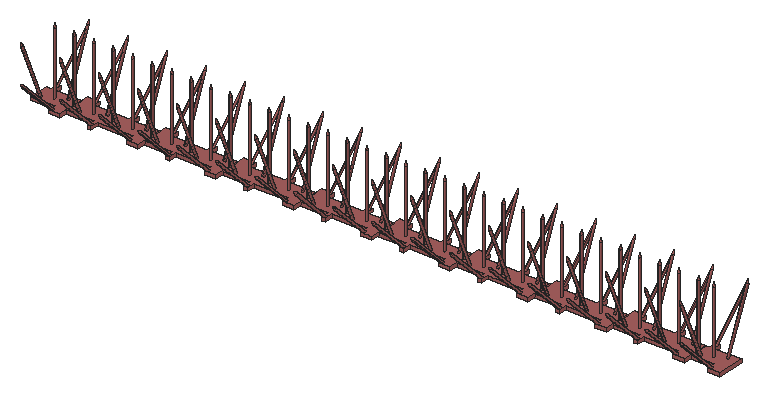
Revit family "BirdControl_Spikes_BirdBGone_2000", category Specialty Equipment, Revit 2019
Family settings
  Round Connector Dimension = Use Diameter
  Part Type = Normal
  OmniClass Number = 23.40.10.14.14.99
  OmniClass Title = Other Manufactured Exterior Specialties
  Cut with Voids When Loaded = No
  Shared = No
  Room Calculation Point = No
Parameters (values of type "BirdBGone template - Line Based")
  Warranty Duration (Years) = 0
  Units [instance] = ([built-in parameter 1001306] - 0' 7") / 0' 5"  # 8
  URL = "http://www.birdbgone.com/"
  Test Data = "http://www.birdbgone.com/bird-control-product-msds"
  Specification = "http://www.arcat.com/sdspecs/htm/10290bir.htm"
  SpecWizard = ""
  Send Message = "http://www.arcat.com/users.pl?action=UserEmail&company=Bird-B-Gone,%20Inc.&coid=38371&rep=147&fax=949-472-3116&mf="
  Sales Information = "http://www.birdbgone.com/bird-control-store/"
  Revision = "R1_10-2010"
  Product Properties = "http://www.arcat.com/bim/bim_info.pl?fn=BirdBGone"
  Product Data = "http://www.arcat.com/arcatcos/cos38/arc38371.html"
  Model = "As Specified in 10 81 19"
  Material = Plastic - Bird B Gone - Polycarbonate - Brick Red
  Manufacturer Website = "http://www.birdbgone.com/"
  Manufacturer Phone - Toll Free = "800-392-6915"
  Manufacturer Phone = "949-472-3122"
  Manufacturer Fax = "949-472-3116"
  Manufacturer Address = "23918 Skyline, Mission Viejo, CA 92692"
  Manufacturer = "Bird-B-Gone, Inc."
  Maintenance Schedule (Months) = 0
  built-in parameter 1001306 [instance] = 4' - 0"
  Keynote = "10 81 19"
  Installation-Fabrication = "http://www.birdbgone.com/installation-instructions"
  Installation Phase = ""
  Green Building-LEED = "http://www.arcat.com/green/clients/leed_data_38371.html"
  Expected Lifespan (Years) = 0
  End [instance] = Units * 0' 5"  # 3' - 4"
  Drawn By = "Robert S. Weygant, CSI, CDT, SCIP"
  Description = "Bird Control Equipment as Specified in 10 81 19"
  Copyright = "2010 ARCAT, Inc."
  Construction Details = "http://www.arcat.com/details/birdbgon/birdbgon.html?coid=38371"
  Building Codes = "http://www.birdbgone.com/knowledge-center/"
  Back Row 2 = yes
  Back Row 1 = yes
  Assembly Code = "E1090900"
Reference planes (in)
  plane 1 "Center (Front/Back)": y = 0
  plane 2: z = 0
  plane 3 "Left": x = 0
  plane 4 "Right": x = 48
  plane 5: y = 0.625
  plane 6: y = -0.625
  plane 7: x = 2.25
  plane 8: x = 42.25
Lines and regions (in)
  reference lines
    curve 1: line (0, 0, 0) -> (48, 0, 0)
Dimensions and locks (in)
  "built-in parameter 1001306": plane 3 "Left" to plane 4 "Right"
  equal spacing: plane 5, curve 1, plane 6
  locked: plane 5 to plane 6 at 1.25
  equal spacing: group 1, group 2, group 3, group 4, group 5, group 6, group 7, group 8  (x3)
  locked: plane 3 "Left" to plane 7 at 2.25
  "End": plane 7 to plane 8
  aligned and locked: plane 4 "Right" to curve 1
  aligned and locked: plane 3 "Left" to curve 1
  aligned and locked: nested 10 to plane 8
Nested families (in)
  nested 1: "SpikeUnit_2000_End" at (0, 0, 0) x (0, -1, 0) z (0, 0, 1), Back Row 2 <- "Back Row 2", Back Row 1 <- "Back Row 1", Material <- "Material", type "BirdBGone template - Standalone"
    with offset 0' - 0", Unit Height 0' - 4 1/2", Material Plastic - Bird B Gone - Polycarbonate - Brick Red, End Peg yes, Back Row 2 yes, Back Row 1 yes
  nested 2: "SpikeUnit_2000" at (4.75, 0, 0) x (0, -1, 0) z (0, 0, 1), Back Row 2 <- "Back Row 2", Back Row 1 <- "Back Row 1", Material <- "Material", type "BirdBGone template - Standalone"
    with offset 0' - 0", Unit Height 0' - 4 1/2", Material Plastic - Bird B Gone - Polycarbonate - Brick Red, Back Row 2 yes, Back Row 1 yes
  nested 3: "SpikeUnit_2000" at (9.75, 0, 0) x (0, -1, 0) z (0, 0, 1), Back Row 2 <- "Back Row 2", Back Row 1 <- "Back Row 1", Material <- "Material", type "BirdBGone template - Standalone"
    with offset 0' - 0", Unit Height 0' - 4 1/2", Material Plastic - Bird B Gone - Polycarbonate - Brick Red, Back Row 2 yes, Back Row 1 yes
  nested 4: "SpikeUnit_2000" at (14.75, 0, 0) x (0, -1, 0) z (0, 0, 1), Back Row 2 <- "Back Row 2", Back Row 1 <- "Back Row 1", Material <- "Material", type "BirdBGone template - Standalone"
    with offset 0' - 0", Unit Height 0' - 4 1/2", Material Plastic - Bird B Gone - Polycarbonate - Brick Red, Back Row 2 yes, Back Row 1 yes
  nested 5: "SpikeUnit_2000" at (19.75, 0, 0) x (0, -1, 0) z (0, 0, 1), Back Row 2 <- "Back Row 2", Back Row 1 <- "Back Row 1", Material <- "Material", type "BirdBGone template - Standalone"
    with offset 0' - 0", Unit Height 0' - 4 1/2", Material Plastic - Bird B Gone - Polycarbonate - Brick Red, Back Row 2 yes, Back Row 1 yes
  nested 6: "SpikeUnit_2000" at (24.75, 0, 0) x (0, -1, 0) z (0, 0, 1), Back Row 2 <- "Back Row 2", Back Row 1 <- "Back Row 1", Material <- "Material", type "BirdBGone template - Standalone"
    with offset 0' - 0", Unit Height 0' - 4 1/2", Material Plastic - Bird B Gone - Polycarbonate - Brick Red, Back Row 2 yes, Back Row 1 yes
  nested 7: "SpikeUnit_2000" at (29.75, 0, 0) x (0, -1, 0) z (0, 0, 1), Back Row 2 <- "Back Row 2", Back Row 1 <- "Back Row 1", Material <- "Material", type "BirdBGone template - Standalone"
    with offset 0' - 0", Unit Height 0' - 4 1/2", Material Plastic - Bird B Gone - Polycarbonate - Brick Red, Back Row 2 yes, Back Row 1 yes
  nested 8: "SpikeUnit_2000" at (34.75, 0, 0) x (0, -1, 0) z (0, 0, 1), Back Row 2 <- "Back Row 2", Back Row 1 <- "Back Row 1", Material <- "Material", type "BirdBGone template - Standalone"
    with offset 0' - 0", Unit Height 0' - 4 1/2", Material Plastic - Bird B Gone - Polycarbonate - Brick Red, Back Row 2 yes, Back Row 1 yes
  nested 9: "SpikeUnit_2000" at (39.75, 0, 0) x (0, -1, 0) z (0, 0, 1), Back Row 2 <- "Back Row 2", Back Row 1 <- "Back Row 1", Material <- "Material", type "BirdBGone template - Standalone"
    with offset 0' - 0", Unit Height 0' - 4 1/2", Material Plastic - Bird B Gone - Polycarbonate - Brick Red, Back Row 2 yes, Back Row 1 yes
  nested 10: "SpikeUnit_2000_End" at (42.25, 0, 0) x (0, -1, 0) z (0, 0, 1), Back Row 2 <- "Back Row 2", Back Row 1 <- "Back Row 1", Material <- "Material", type "BirdBGone template - Standalone"
    with offset 0' - 0", Unit Height 0' - 4 1/2", Material Plastic - Bird B Gone - Polycarbonate - Brick Red, End Peg no, Back Row 2 yes, Back Row 1 yes
Definition of nested family "SpikeUnit_2000_End"
  Parameters
    offset [instance] = 0' - 0"
    Warranty Duration (Years) = 0
    Unit Width = 0' - 7"
    Unit Height [instance] = 0' - 4 1/2"
    Unit Depth = 0' - 0 1/4"
    URL = "http://www.birdbgone.com/"
    Test Data = "http://www.birdbgone.com/bird-control-product-msds"
    Specification = "http://www.arcat.com/sdspecs/htm/10290bir.htm"
    SpecWizard = ""
    Send Message = "http://www.arcat.com/users.pl?action=UserEmail&company=Bird-B-Gone,%20Inc.&coid=38371&rep=147&fax=949-472-3116&mf="
    Sales Information = "http://www.birdbgone.com/bird-control-store/"
    Revision = "R1_10-2010"
    Product Properties = "http://www.arcat.com/bim/bim_info.pl?fn=BirdBGone"
    Product Data = "http://www.arcat.com/arcatcos/cos38/arc38371.html"
    Model = "As Specified in 10 81 19"
    Material [instance] = none
    Manufacturer Website = "http://www.birdbgone.com/"
    Manufacturer Phone - Toll Free = "800-392-6915"
    Manufacturer Phone = "949-472-3122"
    Manufacturer Fax = "949-472-3116"
    Manufacturer Address = "23918 Skyline, Mission Viejo, CA 92692"
    Manufacturer = "Bird-B-Gone, Inc."
    Maintenance Schedule (Months) = 0
    Keynote = "10 81 19"
    Installation-Fabrication = "http://www.birdbgone.com/installation-instructions"
    Installation Phase = ""
    Green Building-LEED = "http://www.arcat.com/green/clients/leed_data_38371.html"
    Expected Lifespan (Years) = 0
    End Peg [instance] = yes
    Drawn By = "Robert S. Weygant, CSI, CDT, SCIP"
    Description = "Bird Control Equipment as Specified in 10 81 19"
    Copyright = "wt"
    Construction Details = "http://www.arcat.com/details/birdbgon/birdbgon.html?coid=38371"
    Building Codes = "http://www.birdbgone.com/knowledge-center/"
    Back Row 2 [instance] = yes
    Back Row 1 [instance] = yes
    Assembly Code = "E1090900"
  Reference planes (in)
    plane 1 "Center (Front/Back)": y = 0
    plane 2 "Bottom": z = 0
    plane 3 "Center (Left/Right)": x = 0
    plane 4 "Top": z = 4.5
    plane 5: y = 2.25
  Forms (in)
    Extrusion 1, solid, material <- "Material"
      sketch origin (0, -0.5, 0) x (0, -1, 0) y (1, 0, 0)
        loop
          line (-0.5, -0.625) -> (-0.5, 0.625) -> (-2, 0.625) -> (-2, 1.125) -> (-2.75, 1.125) -> (-2.75, -0.625) -> (-1.00192, -0.625) -> (-1.00192, -1.125) -> (-0.75, -1.125) -> (-0.75, -0.625) -> (-0.5, -0.625)
      from 0 to 0.21875
    Revolve 2, solid, material <- "Material", detail levels medium+fine
      sketch origin (0.78125, 1.625, 0) x (0.707107, 0, 0.707107) y (-0.707107, 0, 0.707107)
        loop
          line (3.875, 0) -> (0.15782, 0) -> (0.15782, -0.0625) -> (3.64088, -0.0625) -> (3.875, 0)
        axis (3.875, 0) -> (0.15782, 0)
      angle from 0 to 360
    Revolve 3, solid, material <- "Material", visible <- "Back Row 2", detail levels medium+fine
      sketch origin (-0.78125, 0.375, 0) x (-0.707107, 0, 0.707107) y (-0.707107, 0, -0.707107)
        loop
          line (3.875, 0) -> (3.64088, 0.0625) -> (0.15782, 0.0625) -> (0.15782, 0) -> (3.875, 0)
        axis (3.875, 0) -> (0.15782, 0)
      angle from 0 to 360
    Revolve 4, solid, material <- "Material", visible <- "Back Row 1", detail levels medium+fine
      sketch origin (-0.18577, 1.625, 0) x (-0.707107, 0, 0.707107) y (-0.707107, 0, -0.707107)
        loop
          line (4.10185, -1.59349) -> (3.90819, -1.44784) -> (0.24709, 0.03134) -> (0.22368, -0.02661) -> (4.10185, -1.59349)
        axis (4.10185, -1.59349) -> (0.22368, -0.02661)
      angle from 0 to 360
    Revolve 5, solid, material <- "Material", detail levels medium+fine
      sketch origin (0.18577, 0.375, 0) x (0.707107, 0, 0.707107) y (-0.707107, 0, 0.707107)
        loop
          line (4.10185, 1.59349) -> (0.22368, 0.02661) -> (0.24709, -0.03134) -> (3.90819, 1.44784) -> (4.10185, 1.59349)
        axis (4.10185, 1.59349) -> (0.22368, 0.02661)
      angle from 0 to 360
    Revolve 6, solid, material <- "Material", detail levels medium+fine
      sketch origin (-0.05912, 1, -0.04038) x (0.374607, 0, 0.927184) y (-0.927184, 0, 0.374607)
        loop
          line (4.23191, 1.64604) -> (0.26241, 0.04225) -> (0.28582, -0.01569) -> (4.03825, 1.50039) -> (4.23191, 1.64604)
        axis (4.23191, 1.64604) -> (0.26241, 0.04225)
      angle from 0 to 360
    Revolve 7, solid, material <- "Material", visible <- "End Peg", detail levels medium+fine
      sketch origin (-0.05912, 2.25, -0.04038) x (0.374607, 0, 0.927184) y (-0.927184, 0, 0.374607)
        loop
          line (4.23191, 1.64604) -> (0.26241, 0.04225) -> (0.28582, -0.01569) -> (4.03825, 1.50039) -> (4.23191, 1.64604)
        axis (4.23191, 1.64604) -> (0.26241, 0.04225)
      angle from 0 to 360
  Lines and regions (in)
    model lines, detail levels coarse
      curve 1: line (0, 1, 0.21875) -> (0, 1, 4.5)
      curve 2: line (0.34375, 0.375, 0.21875) -> (1.95937, 0.375, 4.02714)
      curve 4: line (1, 1.625, 0.21875) -> (3.5213, 1.625, 2.74005)
    model lines, visible <- "Back Row 1", detail levels coarse
      curve 3: line (-0.34375, 1.625, 0.21875) -> (-1.95937, 1.625, 4.02714)
    model lines, visible <- "Back Row 2", detail levels coarse
      curve 5: line (-1, 0.375, 0.21875) -> (-3.5213, 0.375, 2.74005)
    model lines, visible <- "End Peg", detail levels coarse
      curve 6: line (0, 2.25, 0.21875) -> (0, 2.25, 4.5)
  Dimensions and locks (in)
    "Unit Height": plane 4 "Top" to level
  Automatic sketch dimensions
    Extrusion 1 sketch curve to plane 5 = 0' - 0"
    Extrusion 1 sketch curve to plane 1 "Center (Front/Back)" = 0' - 0"
    Extrusion 1 sketch curve to Extrusion 1 sketch curve = 0' - 0 3/4"
    Extrusion 1 sketch curve to plane 1 "Center (Front/Back)" = 0' - 0.50192"
    Extrusion 1 sketch curve to plane 1 "Center (Front/Back)" = 0' - 0 1/4"
    Extrusion 1 sketch curve to plane 3 "Center (Left/Right)" = 0' - 1 1/8"
    Extrusion 1 sketch curve to Extrusion 1 sketch curve = 0' - 0 1/2"  (x2)
    Extrusion 1 sketch curve to plane 3 "Center (Left/Right)" = 0' - 0 5/8"
    plane 3 "Center (Left/Right)" to Extrusion 1 sketch curve = 0' - 0 5/8"
    Revolve 2 sketch curve to plane 3 "Center (Left/Right)" = 0' - 0.22412"
    Revolve 2 sketch curve to level = 0' - 1.00537"
    Revolve 2 sketch curve to Revolve 2 sketch curve = 0' - 1.57963"
    Revolve 2 sketch curve to Revolve 2 sketch curve = 0' - 3.48306"
    Revolve 2 sketch curve to Revolve 2 sketch curve = 0' - 0.23412"
    Revolve 2 sketch curve to Revolve 2 sketch curve = 0' - 1.2032"
    Revolve 2 sketch curve to Revolve 2 sketch curve = 0' - 0"
    Revolve 2 sketch curve to Revolve 2 sketch curve = 0' - 0 1/16"
    plane 3 "Center (Left/Right)" to Revolve 3 sketch curve = 0' - 0.22412"
    Revolve 3 sketch curve to level = 0' - 1.00537"
    Revolve 3 sketch curve to Revolve 3 sketch curve = 0' - 1.57963"
    Revolve 3 sketch curve to Revolve 3 sketch curve = 0' - 3.48306"
    Revolve 3 sketch curve to Revolve 3 sketch curve = 0' - 0.23412"
    Revolve 3 sketch curve to Revolve 3 sketch curve = 0' - 1.2032"
    Revolve 3 sketch curve to Revolve 3 sketch curve = 0' - 0"
    Revolve 3 sketch curve to Revolve 3 sketch curve = 0' - 0 1/16"
    plane 3 "Center (Left/Right)" to Revolve 4 sketch curve = 0' - 0.31984"
    Revolve 4 sketch curve to level = 0' - 1.34246"
    Revolve 4 sketch curve to Revolve 4 sketch curve = 0' - 1.53046"
    Revolve 4 sketch curve to Revolve 4 sketch curve = 0' - 0.02341"
    Revolve 4 sketch curve to Revolve 4 sketch curve = 0' - 3.6611"
    Revolve 4 sketch curve to Revolve 4 sketch curve = 0' - 0.19366"
    Revolve 4 sketch curve to Revolve 4 sketch curve = 0' - 0.61807"
    Revolve 4 sketch curve to Revolve 4 sketch curve = 0' - 0.5604"
    Revolve 4 sketch curve to Revolve 4 sketch curve = 0' - 0.05795"
    Revolve 4 sketch curve to Revolve 4 sketch curve = 0' - 0.24972"
    Revolve 5 sketch curve to plane 3 "Center (Left/Right)" = 0' - 0.31984"
    Revolve 5 sketch curve to level = 0' - 1.34246"
    Revolve 5 sketch curve to Revolve 5 sketch curve = 0' - 1.53046"
    Revolve 5 sketch curve to Revolve 5 sketch curve = 0' - 0.02341"
    Revolve 5 sketch curve to Revolve 5 sketch curve = 0' - 3.6611"
    Revolve 5 sketch curve to Revolve 5 sketch curve = 0' - 0.19366"
    Revolve 5 sketch curve to Revolve 5 sketch curve = 0' - 0.61807"
    Revolve 5 sketch curve to Revolve 5 sketch curve = 0' - 0.5604"
    Revolve 5 sketch curve to Revolve 5 sketch curve = 0' - 0.05795"
    Revolve 5 sketch curve to Revolve 5 sketch curve = 0' - 0.24972"
    Revolve 6 sketch curve to plane 3 "Center (Left/Right)" = 0' - 0"  (x4)
    Revolve 6 sketch curve to plane 4 "Top" = 0' - 0"
    Revolve 6 sketch curve to Revolve 6 sketch curve = 0' - 0.19366"
    Revolve 6 sketch curve to Revolve 6 sketch curve = 0' - 3.75243"
    Revolve 6 sketch curve to Revolve 6 sketch curve = 0' - 0.02341"
    Revolve 6 sketch curve to Revolve 6 sketch curve = 0' - 1.56919"
    Revolve 6 sketch curve to Revolve 6 sketch curve = 0' - 0.488"
    curve 1 to plane 3 "Center (Left/Right)" = 0' - 0"  (x2)
    curve 1 to plane 4 "Top" = 0' - 0"
    curve 1 to curve 1 = 0' - 3.0273"
    curve 5 to plane 4 "Top" = 0' - 1.75995"
    curve 5 to plane 3 "Center (Left/Right)" = 0' - 3.5213"
    curve 5 to curve 2 = 0' - 0.95017"
    curve 2 to curve 2 = 0' - 3.83535"
    curve 2 to curve 5 = 0' - 2.9653"
    curve 5 to curve 5 = 0' - 3.56565"
    curve 2 to curve 5 = 0' - 0.95017"
    level to curve 3 = 0' - 0 7/32"
    curve 3 to plane 3 "Center (Left/Right)" = 0' - 0 11/32"
    curve 3 to curve 4 = 0' - 0.95017"
    curve 3 to curve 3 = 0' - 1.55053"
    curve 4 to curve 4 = 0' - 3.56565"
    curve 4 to curve 3 = 0' - 0.95017"
    curve 3 to curve 3 = 0' - 3.83535"
    Revolve 7 sketch curve to plane 3 "Center (Left/Right)" = 0' - 0"  (x4)
    Revolve 7 sketch curve to plane 4 "Top" = 0' - 0"
    Revolve 7 sketch curve to Revolve 7 sketch curve = 0' - 0.19366"
    Revolve 7 sketch curve to Revolve 7 sketch curve = 0' - 3.75243"
    Revolve 7 sketch curve to Revolve 7 sketch curve = 0' - 0.02341"
    Revolve 7 sketch curve to Revolve 7 sketch curve = 0' - 1.56919"
    Revolve 7 sketch curve to Revolve 7 sketch curve = 0' - 0.488"
    curve 6 to plane 3 "Center (Left/Right)" = 0' - 0"  (x2)
    curve 6 to plane 4 "Top" = 0' - 0"
    curve 6 to curve 6 = 0' - 3.0273"
Definition of nested family "SpikeUnit_2000"
  Parameters
    offset [instance] = 0' - 0"
    Warranty Duration (Years) = 0
    Unit Width = 0' - 7"
    Unit Height [instance] = 0' - 4 1/2"
    Unit Depth = 0' - 0 1/4"
    URL = "http://www.birdbgone.com/"
    Test Data = "http://www.birdbgone.com/bird-control-product-msds"
    Specification = "http://www.arcat.com/sdspecs/htm/10290bir.htm"
    SpecWizard = ""
    Send Message = "http://www.arcat.com/users.pl?action=UserEmail&company=Bird-B-Gone,%20Inc.&coid=38371&rep=147&fax=949-472-3116&mf="
    Sales Information = "http://www.birdbgone.com/bird-control-store/"
    Revision = "R1_10-2010"
    Product Properties = "http://www.arcat.com/bim/bim_info.pl?fn=BirdBGone"
    Product Data = "http://www.arcat.com/arcatcos/cos38/arc38371.html"
    Model = "As Specified in 10 81 19"
    Material [instance] = none
    Manufacturer Website = "http://www.birdbgone.com/"
    Manufacturer Phone - Toll Free = "800-392-6915"
    Manufacturer Phone = "949-472-3122"
    Manufacturer Fax = "949-472-3116"
    Manufacturer Address = "23918 Skyline, Mission Viejo, CA 92692"
    Manufacturer = "Bird-B-Gone, Inc."
    Maintenance Schedule (Months) = 0
    Keynote = "10 81 19"
    Installation-Fabrication = "http://www.birdbgone.com/installation-instructions"
    Installation Phase = ""
    Green Building-LEED = "http://www.arcat.com/green/clients/leed_data_38371.html"
    Expected Lifespan (Years) = 0
    Drawn By = "Robert S. Weygant, CSI, CDT, SCIP"
    Description = "Bird Control Equipment as Specified in 10 81 19"
    Copyright = "wt"
    Construction Details = "http://www.arcat.com/details/birdbgon/birdbgon.html?coid=38371"
    Building Codes = "http://www.birdbgone.com/knowledge-center/"
    Back Row 2 [instance] = yes
    Back Row 1 [instance] = yes
    Assembly Code = "E1090900"
  Reference planes (in)
    plane 1 "Center (Front/Back)": y = 0
    plane 2 "Bottom": z = 0
    plane 3 "Center (Left/Right)": x = 0
    plane 4 "Top": z = 4.5
    plane 5: y = 2.5
    plane 6: y = -2.5
  Forms (in)
    Extrusion 1, solid, material <- "Material"
      sketch origin (0, -0.25, 0) x (0, -1, 0) y (1, 0, 0)
        loop
          line (1.5, -0.625) -> (1.5, -1.125) -> (2.25, -1.125) -> (2.25, 0.625) -> (0.5, 0.625) -> (0.5, 1.125) -> (0.24808, 1.125) -> (0.24808, 0.625) -> (-2, 0.625) -> (-2, 1.125) -> (-2.75, 1.125) -> (-2.75, -0.625) -> (-1.00192, -0.625) -> (-1.00192, -1.125) -> (-0.75, -1.125) -> (-0.75, -0.625) -> (1.5, -0.625)
      from 0 to 0.21875
    Revolve 2, solid, material <- "Material", detail levels medium+fine
      sketch origin (0.78125, 1.875, 0) x (0.707107, 0, 0.707107) y (-0.707107, 0, 0.707107)
        loop
          line (3.875, 0) -> (0.15782, 0) -> (0.15782, -0.0625) -> (3.64088, -0.0625) -> (3.875, 0)
        axis (3.875, 0) -> (0.15782, 0)
      angle from 0 to 360
    Revolve 3, solid, material <- "Material", detail levels medium+fine
      sketch origin (0.78125, -0.625, 0) x (0.707107, 0, 0.707107) y (-0.707107, 0, 0.707107)
        loop
          line (3.875, 0) -> (0.15782, 0) -> (0.15782, -0.0625) -> (3.64088, -0.0625) -> (3.875, 0)
        axis (3.875, 0) -> (0.15782, 0)
      angle from 0 to 360
    Revolve 4, solid, material <- "Material", visible <- "Back Row 2", detail levels medium+fine
      sketch origin (-0.78125, 0.625, 0) x (-0.707107, 0, 0.707107) y (-0.707107, 0, -0.707107)
        loop
          line (3.875, 0) -> (3.64088, 0.0625) -> (0.15782, 0.0625) -> (0.15782, 0) -> (3.875, 0)
        axis (3.875, 0) -> (0.15782, 0)
      angle from 0 to 360
    Revolve 5, solid, material <- "Material", visible <- "Back Row 2", detail levels medium+fine
      sketch origin (-0.78125, -1.875, 0) x (-0.707107, 0, 0.707107) y (-0.707107, 0, -0.707107)
        loop
          line (3.875, 0) -> (3.64088, 0.0625) -> (0.15782, 0.0625) -> (0.15782, 0) -> (3.875, 0)
        axis (3.875, 0) -> (0.15782, 0)
      angle from 0 to 360
    Revolve 6, solid, material <- "Material", visible <- "Back Row 1", detail levels medium+fine
      sketch origin (-0.18577, 1.875, 0) x (-0.707107, 0, 0.707107) y (-0.707107, 0, -0.707107)
        loop
          line (4.10185, -1.59349) -> (3.90819, -1.44784) -> (0.24709, 0.03134) -> (0.22368, -0.02661) -> (4.10185, -1.59349)
        axis (4.10185, -1.59349) -> (0.22368, -0.02661)
      angle from 0 to 360
    Revolve 7, solid, material <- "Material", visible <- "Back Row 1", detail levels medium+fine
      sketch origin (-0.18577, -0.625, 0) x (-0.707107, 0, 0.707107) y (-0.707107, 0, -0.707107)
        loop
          line (4.10185, -1.59349) -> (3.90819, -1.44784) -> (0.24709, 0.03134) -> (0.22368, -0.02661) -> (4.10185, -1.59349)
        axis (4.10185, -1.59349) -> (0.22368, -0.02661)
      angle from 0 to 360
    Revolve 8, solid, material <- "Material", detail levels medium+fine
      sketch origin (0.18577, 0.625, 0) x (0.707107, 0, 0.707107) y (-0.707107, 0, 0.707107)
        loop
          line (4.10185, 1.59349) -> (0.22368, 0.02661) -> (0.24709, -0.03134) -> (3.90819, 1.44784) -> (4.10185, 1.59349)
        axis (4.10185, 1.59349) -> (0.22368, 0.02661)
      angle from 0 to 360
    Revolve 9, solid, material <- "Material", detail levels medium+fine
      sketch origin (0.18577, -1.875, 0) x (0.707107, 0, 0.707107) y (-0.707107, 0, 0.707107)
        loop
          line (4.10185, 1.59349) -> (0.22368, 0.02661) -> (0.24709, -0.03134) -> (3.90819, 1.44784) -> (4.10185, 1.59349)
        axis (4.10185, 1.59349) -> (0.22368, 0.02661)
      angle from 0 to 360
    Revolve 10, solid, material <- "Material", detail levels medium+fine
      sketch origin (-0.05912, -1.25, -0.04038) x (0.374607, 0, 0.927184) y (-0.927184, 0, 0.374607)
        loop
          line (4.23191, 1.64604) -> (0.26241, 0.04225) -> (0.28582, -0.01569) -> (4.03825, 1.50039) -> (4.23191, 1.64604)
        axis (4.23191, 1.64604) -> (0.26241, 0.04225)
      angle from 0 to 360
    Revolve 11, solid, material <- "Material", detail levels medium+fine
      sketch origin (-0.05912, 1.25, -0.04038) x (0.374607, 0, 0.927184) y (-0.927184, 0, 0.374607)
        loop
          line (4.23191, 1.64604) -> (0.26241, 0.04225) -> (0.28582, -0.01569) -> (4.03825, 1.50039) -> (4.23191, 1.64604)
        axis (4.23191, 1.64604) -> (0.26241, 0.04225)
      angle from 0 to 360
    Revolve 12, solid, material <- "Material", detail levels medium+fine
      sketch origin (-0.05912, 0, -0.04038) x (0.374607, 0, 0.927184) y (-0.927184, 0, 0.374607)
        loop
          line (4.23191, 1.64604) -> (0.26241, 0.04225) -> (0.28582, -0.01569) -> (4.03825, 1.50039) -> (4.23191, 1.64604)
        axis (4.23191, 1.64604) -> (0.26241, 0.04225)
      angle from 0 to 360
    Revolve 13, solid, material <- "Material", detail levels medium+fine
      sketch origin (-0.05912, 2.5, -0.04038) x (0.374607, 0, 0.927184) y (-0.927184, 0, 0.374607)
        loop
          line (4.23191, 1.64604) -> (0.26241, 0.04225) -> (0.28582, -0.01569) -> (4.03825, 1.50039) -> (4.23191, 1.64604)
        axis (4.23191, 1.64604) -> (0.26241, 0.04225)
      angle from 0 to 360
  Lines and regions (in)
    model lines, detail levels coarse
      curve 1: line (0, 0, 0.21875) -> (0, 0, 4.5)
      curve 2: line (0, -1.25, 0.21875) -> (0, -1.25, 4.5)
      curve 3: line (0, 1.25, 0.21875) -> (0, 1.25, 4.5)
      curve 4: line (0.34375, -1.875, 0.21875) -> (1.95937, -1.875, 4.02714)
      curve 5: line (0.34375, 0.625, 0.21875) -> (1.95937, 0.625, 4.02714)
      curve 8: line (1, -0.625, 0.21875) -> (3.5213, -0.625, 2.74005)
      curve 9: line (1, 1.875, 0.21875) -> (3.5213, 1.875, 2.74005)
      curve 12: line (0, 2.5, 0.21875) -> (0, 2.5, 4.5)
    model lines, visible <- "Back Row 1", detail levels coarse
      curve 6: line (-0.34375, -0.625, 0.21875) -> (-1.95937, -0.625, 4.02714)
      curve 7: line (-0.34375, 1.875, 0.21875) -> (-1.95937, 1.875, 4.02714)
    model lines, visible <- "Back Row 2", detail levels coarse
      curve 10: line (-1, -1.875, 0.21875) -> (-3.5213, -1.875, 2.74005)
      curve 11: line (-1, 0.625, 0.21875) -> (-3.5213, 0.625, 2.74005)
  Dimensions and locks (in)
    "Unit Height": plane 4 "Top" to level
  Automatic sketch dimensions
    curve 1 to plane 3 "Center (Left/Right)" = 0' - 0"  (x2)
    curve 1 to plane 4 "Top" = 0' - 0"
    curve 1 to curve 1 = 0' - 3.0273"
    Extrusion 1 sketch curve to plane 5 = 0' - 0"
    Extrusion 1 sketch curve to plane 6 = 0' - 0"
    Extrusion 1 sketch curve to Extrusion 1 sketch curve = 0' - 0 3/4"
    Extrusion 1 sketch curve to plane 1 "Center (Front/Back)" = 0' - 0.75192"
    Extrusion 1 sketch curve to Extrusion 1 sketch curve = 0' - 0.25192"  (x2)
    plane 1 "Center (Front/Back)" to Extrusion 1 sketch curve = 0' - 0.49808"
    plane 6 to Extrusion 1 sketch curve = 0' - 0 3/4"
    Extrusion 1 sketch curve to plane 3 "Center (Left/Right)" = 0' - 1 1/8"  (x2)
    Extrusion 1 sketch curve to Extrusion 1 sketch curve = 0' - 0 1/2"  (x3)
    Extrusion 1 sketch curve to Extrusion 1 sketch curve = 0' - 0"
    plane 3 "Center (Left/Right)" to Extrusion 1 sketch curve = 0' - 0 5/8"  (x2)
    Revolve 2 sketch curve to plane 3 "Center (Left/Right)" = 0' - 0.22412"
    Revolve 2 sketch curve to level = 0' - 1.00537"
    Revolve 2 sketch curve to Revolve 2 sketch curve = 0' - 1.57963"
    Revolve 2 sketch curve to Revolve 2 sketch curve = 0' - 3.48306"
    Revolve 2 sketch curve to Revolve 2 sketch curve = 0' - 0.23412"
    Revolve 2 sketch curve to Revolve 2 sketch curve = 0' - 1.2032"
    Revolve 2 sketch curve to Revolve 2 sketch curve = 0' - 0"
    Revolve 2 sketch curve to Revolve 2 sketch curve = 0' - 0 1/16"
    Revolve 3 sketch curve to plane 3 "Center (Left/Right)" = 0' - 0.22412"
    Revolve 3 sketch curve to level = 0' - 1.00537"
    Revolve 3 sketch curve to Revolve 3 sketch curve = 0' - 1.57963"
    Revolve 3 sketch curve to Revolve 3 sketch curve = 0' - 3.48306"
    Revolve 3 sketch curve to Revolve 3 sketch curve = 0' - 0.23412"
    Revolve 3 sketch curve to Revolve 3 sketch curve = 0' - 1.2032"
    Revolve 3 sketch curve to Revolve 3 sketch curve = 0' - 0"
    Revolve 3 sketch curve to Revolve 3 sketch curve = 0' - 0 1/16"
    plane 3 "Center (Left/Right)" to Revolve 4 sketch curve = 0' - 0.22412"
    Revolve 4 sketch curve to level = 0' - 1.00537"
    Revolve 4 sketch curve to Revolve 4 sketch curve = 0' - 1.57963"
    Revolve 4 sketch curve to Revolve 4 sketch curve = 0' - 3.48306"
    Revolve 4 sketch curve to Revolve 4 sketch curve = 0' - 0.23412"
    Revolve 4 sketch curve to Revolve 4 sketch curve = 0' - 1.2032"
    Revolve 4 sketch curve to Revolve 4 sketch curve = 0' - 0"
    Revolve 4 sketch curve to Revolve 4 sketch curve = 0' - 0 1/16"
    plane 3 "Center (Left/Right)" to Revolve 5 sketch curve = 0' - 0.22412"
    Revolve 5 sketch curve to level = 0' - 1.00537"
    Revolve 5 sketch curve to Revolve 5 sketch curve = 0' - 1.57963"
    Revolve 5 sketch curve to Revolve 5 sketch curve = 0' - 3.48306"
    Revolve 5 sketch curve to Revolve 5 sketch curve = 0' - 0.23412"
    Revolve 5 sketch curve to Revolve 5 sketch curve = 0' - 1.2032"
    Revolve 5 sketch curve to Revolve 5 sketch curve = 0' - 0"
    Revolve 5 sketch curve to Revolve 5 sketch curve = 0' - 0 1/16"
    plane 3 "Center (Left/Right)" to Revolve 6 sketch curve = 0' - 0.31984"
    Revolve 6 sketch curve to level = 0' - 1.34246"
    Revolve 6 sketch curve to Revolve 6 sketch curve = 0' - 1.53046"
    Revolve 6 sketch curve to Revolve 6 sketch curve = 0' - 0.02341"
    Revolve 6 sketch curve to Revolve 6 sketch curve = 0' - 3.6611"
    Revolve 6 sketch curve to Revolve 6 sketch curve = 0' - 0.19366"
    Revolve 6 sketch curve to Revolve 6 sketch curve = 0' - 0.61807"
    Revolve 6 sketch curve to Revolve 6 sketch curve = 0' - 0.5604"
    Revolve 6 sketch curve to Revolve 6 sketch curve = 0' - 0.05795"
    Revolve 6 sketch curve to Revolve 6 sketch curve = 0' - 0.24972"
    plane 3 "Center (Left/Right)" to Revolve 7 sketch curve = 0' - 0.31984"
    Revolve 7 sketch curve to level = 0' - 1.34246"
    Revolve 7 sketch curve to Revolve 7 sketch curve = 0' - 1.53046"
    Revolve 7 sketch curve to Revolve 7 sketch curve = 0' - 0.02341"
    Revolve 7 sketch curve to Revolve 7 sketch curve = 0' - 3.6611"
    Revolve 7 sketch curve to Revolve 7 sketch curve = 0' - 0.19366"
    Revolve 7 sketch curve to Revolve 7 sketch curve = 0' - 0.61807"
    Revolve 7 sketch curve to Revolve 7 sketch curve = 0' - 0.5604"
    Revolve 7 sketch curve to Revolve 7 sketch curve = 0' - 0.05795"
    Revolve 7 sketch curve to Revolve 7 sketch curve = 0' - 0.24972"
    Revolve 8 sketch curve to plane 3 "Center (Left/Right)" = 0' - 0.31984"
    Revolve 8 sketch curve to level = 0' - 1.34246"
    Revolve 8 sketch curve to Revolve 8 sketch curve = 0' - 1.53046"
    Revolve 8 sketch curve to Revolve 8 sketch curve = 0' - 0.02341"
    Revolve 8 sketch curve to Revolve 8 sketch curve = 0' - 3.6611"
    Revolve 8 sketch curve to Revolve 8 sketch curve = 0' - 0.19366"
    Revolve 8 sketch curve to Revolve 8 sketch curve = 0' - 0.61807"
    Revolve 8 sketch curve to Revolve 8 sketch curve = 0' - 0.5604"
    Revolve 8 sketch curve to Revolve 8 sketch curve = 0' - 0.05795"
    Revolve 8 sketch curve to Revolve 8 sketch curve = 0' - 0.24972"
    Revolve 9 sketch curve to plane 3 "Center (Left/Right)" = 0' - 0.31984"
    Revolve 9 sketch curve to level = 0' - 1.34246"
    Revolve 9 sketch curve to Revolve 9 sketch curve = 0' - 1.53046"
    Revolve 9 sketch curve to Revolve 9 sketch curve = 0' - 0.02341"
    Revolve 9 sketch curve to Revolve 9 sketch curve = 0' - 3.6611"
    Revolve 9 sketch curve to Revolve 9 sketch curve = 0' - 0.19366"
    Revolve 9 sketch curve to Revolve 9 sketch curve = 0' - 0.61807"
    Revolve 9 sketch curve to Revolve 9 sketch curve = 0' - 0.5604"
    Revolve 9 sketch curve to Revolve 9 sketch curve = 0' - 0.05795"
    Revolve 9 sketch curve to Revolve 9 sketch curve = 0' - 0.24972"
    Revolve 10 sketch curve to plane 3 "Center (Left/Right)" = 0' - 0"  (x4)
    Revolve 10 sketch curve to plane 4 "Top" = 0' - 0"
    Revolve 10 sketch curve to Revolve 10 sketch curve = 0' - 0.19366"
    Revolve 10 sketch curve to Revolve 10 sketch curve = 0' - 3.75243"
    Revolve 10 sketch curve to Revolve 10 sketch curve = 0' - 0.02341"
    Revolve 10 sketch curve to Revolve 10 sketch curve = 0' - 1.56919"
    Revolve 10 sketch curve to Revolve 10 sketch curve = 0' - 0.488"
    Revolve 11 sketch curve to plane 3 "Center (Left/Right)" = 0' - 0"  (x4)
    Revolve 11 sketch curve to plane 4 "Top" = 0' - 0"
    Revolve 11 sketch curve to Revolve 11 sketch curve = 0' - 0.19366"
    Revolve 11 sketch curve to Revolve 11 sketch curve = 0' - 3.75243"
    Revolve 11 sketch curve to Revolve 11 sketch curve = 0' - 0.02341"
    Revolve 11 sketch curve to Revolve 11 sketch curve = 0' - 1.56919"
    Revolve 11 sketch curve to Revolve 11 sketch curve = 0' - 0.488"
    Revolve 12 sketch curve to plane 3 "Center (Left/Right)" = 0' - 0"  (x4)
    Revolve 12 sketch curve to plane 4 "Top" = 0' - 0"
    Revolve 12 sketch curve to Revolve 12 sketch curve = 0' - 0.19366"
    Revolve 12 sketch curve to Revolve 12 sketch curve = 0' - 3.75243"
    Revolve 12 sketch curve to Revolve 12 sketch curve = 0' - 0.02341"
    Revolve 12 sketch curve to Revolve 12 sketch curve = 0' - 1.56919"
    Revolve 12 sketch curve to Revolve 12 sketch curve = 0' - 0.488"
    curve 2 to plane 3 "Center (Left/Right)" = 0' - 0"  (x2)
    curve 2 to plane 4 "Top" = 0' - 0"
    curve 2 to curve 2 = 0' - 3.0273"
    curve 3 to plane 3 "Center (Left/Right)" = 0' - 0"  (x2)
    curve 3 to plane 4 "Top" = 0' - 0"
    curve 3 to curve 3 = 0' - 3.0273"
    level to curve 6 = 0' - 0 7/32"
    curve 6 to plane 3 "Center (Left/Right)" = 0' - 0 11/32"
    curve 6 to curve 8 = 0' - 0.95017"
    curve 6 to curve 6 = 0' - 1.55053"
    curve 8 to curve 8 = 0' - 3.56565"
    curve 8 to curve 6 = 0' - 0.95017"
    curve 6 to curve 6 = 0' - 3.83535"
    curve 10 to plane 4 "Top" = 0' - 1.75995"
    curve 10 to plane 3 "Center (Left/Right)" = 0' - 3.5213"
    curve 10 to curve 4 = 0' - 0.95017"
    curve 4 to curve 4 = 0' - 3.83535"
    curve 4 to curve 10 = 0' - 2.9653"
    curve 10 to curve 10 = 0' - 3.56565"
    curve 4 to curve 10 = 0' - 0.95017"
    curve 11 to plane 4 "Top" = 0' - 1.75995"
    curve 11 to plane 3 "Center (Left/Right)" = 0' - 3.5213"
    curve 11 to curve 5 = 0' - 0.95017"
    curve 5 to curve 5 = 0' - 3.83535"
    curve 5 to curve 11 = 0' - 2.9653"
    curve 11 to curve 11 = 0' - 3.56565"
    curve 5 to curve 11 = 0' - 0.95017"
    level to curve 7 = 0' - 0 7/32"
    curve 7 to plane 3 "Center (Left/Right)" = 0' - 0 11/32"
    curve 7 to curve 9 = 0' - 0.95017"
    curve 7 to curve 7 = 0' - 1.55053"
    curve 9 to curve 9 = 0' - 3.56565"
    curve 9 to curve 7 = 0' - 0.95017"
    curve 7 to curve 7 = 0' - 3.83535"
    curve 12 to plane 3 "Center (Left/Right)" = 0' - 0"  (x2)
    curve 12 to plane 4 "Top" = 0' - 0"
    curve 12 to curve 12 = 0' - 3.0273"
    Revolve 13 sketch curve to plane 3 "Center (Left/Right)" = 0' - 0"  (x4)
    Revolve 13 sketch curve to plane 4 "Top" = 0' - 0"
    Revolve 13 sketch curve to Revolve 13 sketch curve = 0' - 0.19366"
    Revolve 13 sketch curve to Revolve 13 sketch curve = 0' - 3.75243"
    Revolve 13 sketch curve to Revolve 13 sketch curve = 0' - 0.02341"
    Revolve 13 sketch curve to Revolve 13 sketch curve = 0' - 1.56919"
    Revolve 13 sketch curve to Revolve 13 sketch curve = 0' - 0.488"
